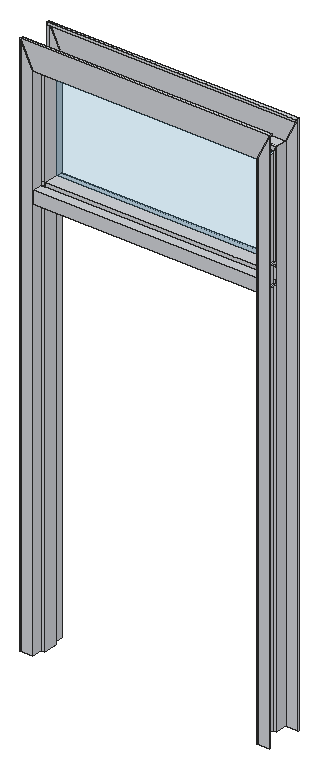
Revit family "Transom Ext-F-WDMF-36 x 84 -18 LSLT-4 Head", category Doors, host Wall, Revit 2014
Parameters (values of type "Ext-Transom F-MDMF-36" x 84"-18"LSLT-4" Head")
  Width = Door Panel Width  # 3' - 0"
  Wall Thickness [instance] = 0' - 5 3/4"
  URL = ""
  Type Comments = "EXT,"
  Thickness = 0' - 1 3/4"
  Swing Angle [instance] = 90.00°
  Sidelite Width = P1 Width - 0' 2"  # 1' - 0"
  SDI RO Spacing = 0' - 0"
  SDI Panel 1 Width = Leaf Width + 0' 0 3/16"  # 3' - 0"
  SDI No Panels = ""
  SDI Left Sidelite Width = Sidelite Width  # 1' - 0"
  SDI HW Set [instance] = ""
  SDI HW Item LO-2 [instance] = ""
  SDI HW Item LO-1 [instance] = ""
  SDI HW Item KP-2 [instance] = ""
  SDI HW Item KP-1 [instance] = ""
  SDI HW Item HI-2 [instance] = ""
  SDI HW Item HI-1 [instance] = ""
  SDI HW Item HC-2 [instance] = ""
  SDI HW Item HC-1 [instance] = ""
  SDI HW Item ED-2 [instance] = ""
  SDI HW Item ED-1 [instance] = ""
  SDI HW Item DO-2 [instance] = ""
  SDI HW Item DO-1 [instance] = ""
  SDI HW Item CL-2 [instance] = ""
  SDI HW Item CL-1 [instance] = ""
  SDI Glass Material = Glass
  SDI Frame Type = "Left Door"
  SDI Frame Sill Width = 0' - 6"
  SDI Frame Material Type = "Hollow Metal"
  SDI Frame Material = Paint - Generic - Prime
  SDI Frame Manufacturer = ""
  SDI Frame Jamb Width = 0' - 2"
  SDI Frame Head Width = 0' - 4"
  SDI Frame Finish Type = "Painted"
  SDI Frame Finish Color = "Prime"
  SDI Frame Depth [instance] = 0' - 5 3/4"
  SDI Family Version = "1.0"
  SDI Door Panel Type = "F"
  SDI Door Material Type = "Hollow Metal"
  SDI Door Material = Stain - SRO - Red Oak 100 Clear
  SDI Door Manufacturer = ""
  SDI Door Finish Type = "Painted"
  SDI Door Finish Color = "Prime"
  SDI Door Configuration = "SG"
  SDI Arch Frame Type [instance] = ""
  SDI Arch Frame Material Type [instance] = "HM"
  SDI Arch Door Panel Type [instance] = "F"
  SDI Arch Door Material Type [instance] = "HM"
  SDI Adjacent Wall Placement = 0' - 4"
  Rough Width = 4' - 6"
  Rough Height = Frame Height - 0' 0" + SDI RO Spacing  # 7' - 4"
  R1 Height = 7' - 2"
  P2 Width = 3' - 2"
  P1 Width = 1' - 2"
  Model = "Ext-Transom F-MDMF-36\" x 84\"-18\"LSLT-4\" Head"
  Manufacturer = ""
  Leaf Width = P2 Width - 0' 2 3/16"  # 2' - 11 13/16"
  Height = Door Panel Height  # 7' - 0"
  Glass Offset [instance] = 0' 2 1/16" + (SDI Frame Depth - 0' 5 3/4") / 2  # 0' - 2 1/16"
  Function = Exterior
  Frame Width = P1 Width + P2 Width + 0' 2"  # 4' - 6"
  Frame Offset [instance] = if(Aligned Exterior, SDI Frame Depth / 2, if(Aligned Center, Wall Thickness / 2, if(Aligned Interior, Wall Thickness - SDI Frame Depth + SDI Frame Depth / 2, Aligned Other)))  # 0' - 2 7/8"
  Frame Height = R1 Height + 0' 2"  # 7' - 4"
  Fire Rating = ""
  Exterior Glazing [instance] = no
  Door Panel Width = P2 Width - 0' 2"  # 3' - 0"
  Door Panel Height = R1 Height + 0' 2" - (0' 4")  # 7' - 0"
  Door Offset [instance] = 0' 2 13/16" + (SDI Frame Depth - 0' 5 3/4") / 2  # 0' - 2 13/16"
  Description = "Hollow Metal Door with Hollow Metal Frame"
  Cost = 0
  Assembly Code = "B2030220"
  Analytic Construction = "<None>"
  Aligned Other [instance] = 0' - 0"
  Aligned Interior [instance] = no
  Aligned Exterior [instance] = yes
  Aligned Center [instance] = no
  ADA Clearance Lines = no
Reference planes (in)
  plane 1: y = 0
  plane 2 "Center (Left/Right)": x = 0
  plane 3 "Wall Edge": y = 2.875
  plane 4 "Wall Interior": y = -2.875
  plane 5 "ModelRefLevel": z = 0
  plane 6 "FrameDepthPlane": y = 0
  plane 7 "FrameFront": y = 2.875
  plane 8 "FrameBack": y = -2.875
  plane 9 "V0": x = 26
  plane 10 "V1": x = 12
  plane 11 "V2": x = -26
  plane 12 "H0": z = 1
  plane 13 "H1": z = 87
  plane 14 "InTermLeftJamb0": x = 25
  plane 15 "OutTermLeftJamb0": x = 27
  plane 16 "OutsideJamb1": x = 11
  plane 17 "InsideJamb1": x = 13
  plane 18 "InTermRightJamb2": x = -25
  plane 19 "OutTermRightJamb2": x = -27
  plane 20 "D0.151041666666667": y = 1.0625
  plane 21 "D0.109375": y = 1.5625
  plane 22 "DoorLeft": x = 11
  plane 23 "DoorRight": x = -25
  plane 24 "DoorCenter": x = -7
  plane 25 "DoorTop": z = 83.875
  plane 26 "DoorCenterTB": z = 41.9375
  plane 27 "DoorExtFace": y = 2.8125
  plane 28 "DoorGlassFace": y = 2.0625
  plane 29 "LockCenterLine": z = 41.3125
  plane 30 "ActDoorRight": x = -24.90625
  plane 31 "SwingClrPlane": y = 62.875
  plane 32 "SwingPartialPlane": y = 50.875
  plane 33 "LeftAdjWall": x = 31
  plane 34: z = 44
  plane 35: z = 65.875
  plane 36: z = 88
Forms (in)
  Extrusion 1, void
    sketch origin (-14, 2.875, 0) x (1, 0, 0) y (0, 0, 1)
      loop
        line (27, 88) -> (24.375, 88) -> (24.375, 82.75) -> (27, 88)
    from -12 to 12
  Extrusion 2, solid
    sketch origin (132, 0, 42) x (-1, 0, 0) y (0, -1, 0)
      loop
        line (119, -2.875) -> (121, -2.875) -> (121, -0.9375) -> (121.625, -0.9375) -> (121.625, 1.3125) -> (121, 1.3125) -> (121, 2.875) -> (119, 2.875) -> (119, 2.8125) -> (120.9375, 2.8125) -> (120.9375, 1.25) -> (121.5625, 1.25) -> (121.5625, -0.875) -> (120.9375, -0.875) -> (120.9375, -2.8125) -> (119, -2.8125) -> (119, -2.875)
    from -42 to 46
  Extrusion 3, solid
    sketch origin (94.3125, 0, 44) x (-1, 0, 0) y (0, -1, 0)
      loop
        line (121.25, -2.375) -> (121.25, -2.8125) -> (119.375, -2.8125) -> (119.375, -0.875) -> (118.75, -0.875) -> (118.75, 1.25) -> (119.375, 1.25) -> (119.375, 2.8125) -> (121.25, 2.8125) -> (121.25, 2.4375) -> (121.3125, 2.4375) -> (121.3125, 2.875) -> (119.3125, 2.875) -> (119.3125, 1.3125) -> (118.6875, 1.3125) -> (118.6875, -0.9375) -> (119.3125, -0.9375) -> (119.3125, -2.875) -> (121.3125, -2.875) -> (121.3125, -2.375) -> (121.25, -2.375)
    from -44 to 44
  Extrusion 4, void
    sketch origin (0, 2.875, 0) x (1, 0, 0) y (0, 0, 1)
      loop
        line (-27, 88) -> (-24.375, 82.75) -> (-24.375, 88) -> (-27, 88)
    from -12 to 12
  Extrusion 5, void
    sketch origin (-14, 2.875, 0) x (1, 0, 0) y (0, 0, 1)
      loop
        line (27, 88) -> (24.6875, 83.375) -> (27, 83.375) -> (27, 88)
    from -12 to 12
  Extrusion 6, solid
    sketch origin (-7.5, 0, 85.6875) x (0, 1, 0) y (0, 0, 1)
      loop
        line (2.4375, 1.9375) -> (2.4375, 2.25) -> (2.8125, 2.25) -> (2.8125, -1.625) -> (0.875, -1.625) -> (0.875, -2.25) -> (-1.25, -2.25) -> (-1.25, -1.625) -> (-2.8125, -1.625) -> (-2.8125, 2.25) -> (-2.4375, 2.25) -> (-2.4375, 1.9375) -> (-2.375, 1.9375) -> (-2.375, 2.3125) -> (-2.875, 2.3125) -> (-2.875, -1.6875) -> (-1.3125, -1.6875) -> (-1.3125, -2.3125) -> (0.9375, -2.3125) -> (0.9375, -1.6875) -> (2.875, -1.6875) -> (2.875, 2.3125) -> (2.375, 2.3125) -> (2.375, 1.9375) -> (2.4375, 1.9375)
    from -19.5 to 20.5
  Extrusion 7, void
    sketch origin (0, 2.875, 0) x (1, 0, 0) y (0, 0, 1)
      loop
        line (-27, 88) -> (-27, 83.375) -> (-24.6875, 83.375) -> (-27, 88)
    from -12 to 12
  Extrusion 8, solid, material "Glass" <- "SDI Glass Material"
    sketch origin (-60, 1.0625, -12) x (1, 0, 0) y (0, 0, 1)
      loop
        line (35.09375, 96) -> (35.09375, 78.875) -> (71, 78.875) -> (71, 96) -> (35.09375, 96)
    from -0.125 to 0.125
  Extrusion 9, solid, material "Stain - SRO - Red Oak 100 Clear" <- "SDI Door Material", visible <- "Exterior Glazing"
    sketch origin (-60, 1.5625, -12) x (1, 0, 0) y (0, 0, 1)
      loop
        line (71, 12) -> (71, 76.875) -> (35.09375, 76.875) -> (35.09375, 12) -> (71, 12)
    from -0.125 to 0.125
  Sweep 10, solid
    path origin (0, 2.875, 0) x (1, 0, 0) y (0, 0, 1)
      loop
        line (11, 44) -> (-24.90625, 44)
    profile origin (-6.95313, 2.875, 44) x (0, 0, -1) y (0, -1, 0)
      loop
        line (-20.3125, 4.125) -> (-20.9375, 4.125) -> (-20.9375, 5.6875) -> (-22.8125, 5.6875) -> (-22.8125, 4.125) -> (-23.4375, 4.125) -> (-23.4375, 2) -> (-22.8125, 2) -> (-22.8125, 0.0625) -> (-20.9375, 0.0625) -> (-20.9375, 2) -> (-20.3125, 2) -> (-20.3125, 4.125)
      loop
        line (-22.875, 0) -> (-20.875, 0) -> (-20.875, 1.9375) -> (-20.25, 1.9375) -> (-20.25, 4.1875) -> (-20.875, 4.1875) -> (-20.875, 5.75) -> (-22.875, 5.75) -> (-22.875, 4.1875) -> (-23.5, 4.1875) -> (-23.5, 1.9375) -> (-22.875, 1.9375) -> (-22.875, 0)
Cuts and joins
  Extrusion 4 cuts Extrusion 3
  Extrusion 5, Extrusion 7 cuts Extrusion 6
  Extrusion 1 cuts Extrusion 2
Lines and regions (in)
  Opening 1
    outline origin (-60, -2.875, 0) x (1, 0, 0) y (0, 0, 1)
      loop
        line (73, 0) -> (73, 88) -> (33, 88) -> (33, 0) -> (73, 0)
  symbolic lines, style "DoorsFrameMullionProjection", detail levels fine
    curve 1: line (27, 2.375, 0) -> (27, 2.875, 0)
    curve 2: line (27, 2.875, 0) -> (25, 2.875, 0)
    curve 3: line (25, 2.875, 0) -> (25, 0.9375, 0)
    curve 4: line (25, 0.9375, 0) -> (24.375, 0.9375, 0)
    curve 5: line (24.375, 0.9375, 0) -> (24.375, -1.3125, 0)
    curve 6: line (24.375, -1.3125, 0) -> (25, -1.3125, 0)
    curve 7: line (25, -1.3125, 0) -> (25, -2.875, 0)
    curve 8: line (25, -2.875, 0) -> (27, -2.875, 0)
    curve 9: line (27, -2.875, 0) -> (27, -2.4375, 0)
    curve 10: line (27, -2.4375, 0) -> (26.9375, -2.4375, 0)
    curve 11: line (26.9375, -2.4375, 0) -> (26.9375, -2.8125, 0)
    curve 12: line (26.9375, -2.8125, 0) -> (25.0625, -2.8125, 0)
    curve 13: line (25.0625, -2.8125, 0) -> (25.0625, -1.25, 0)
    curve 14: line (25.0625, -1.25, 0) -> (24.4375, -1.25, 0)
    curve 15: line (24.4375, -1.25, 0) -> (24.4375, 0.875, 0)
    curve 16: line (24.4375, 0.875, 0) -> (25.0625, 0.875, 0)
    curve 17: line (25.0625, 0.875, 0) -> (25.0625, 2.8125, 0)
    curve 18: line (25.0625, 2.8125, 0) -> (26.9375, 2.8125, 0)
    curve 19: line (26.9375, 2.8125, 0) -> (26.9375, 2.375, 0)
    curve 20: line (26.9375, 2.375, 0) -> (27, 2.375, 0)
    curve 25: line (-3, 2.875, 0) -> (11, 2.875, 0)
    curve 26: line (11, 2.875, 0) -> (11, 0.9375, 0)
    curve 27: line (11, 0.9375, 0) -> (10.375, 0.9375, 0)
    curve 28: line (10.375, 0.9375, 0) -> (10.375, -1.3125, 0)
    curve 29: line (10.375, -1.3125, 0) -> (11, -1.3125, 0)
    curve 30: line (11, -1.3125, 0) -> (11, -2.875, 0)
    curve 31: line (11, -2.875, 0) -> (-3, -2.875, 0)
    curve 32: line (-3, -2.875, 0) -> (-3, -1.3125, 0)
    curve 33: line (-3, -1.3125, 0) -> (-3.625, -1.3125, 0)
    curve 34: line (-3.625, -1.3125, 0) -> (-3.625, 0.9375, 0)
    curve 35: line (-3.625, 0.9375, 0) -> (-3, 0.9375, 0)
    curve 36: line (-3, 0.9375, 0) -> (-3, 2.875, 0)
    curve 37: line (-2.9375, 2.8125, 0) -> (11.0625, 2.8125, 0)
    curve 38: line (11.0625, 2.8125, 0) -> (11.0625, 0.875, 0)
    curve 39: line (11.0625, 0.875, 0) -> (10.4375, 0.875, 0)
    curve 40: line (10.4375, 0.875, 0) -> (10.4375, -1.25, 0)
    curve 41: line (10.4375, -1.25, 0) -> (11.0625, -1.25, 0)
    curve 42: line (11.0625, -1.25, 0) -> (11.0625, -2.8125, 0)
    curve 43: line (11.0625, -2.8125, 0) -> (-2.9375, -2.8125, 0)
    curve 44: line (-2.9375, -2.8125, 0) -> (-2.9375, -1.25, 0)
    curve 45: line (-2.9375, -1.25, 0) -> (-3.5625, -1.25, 0)
    curve 46: line (-3.5625, -1.25, 0) -> (-3.5625, 0.875, 0)
    curve 47: line (-3.5625, 0.875, 0) -> (-2.9375, 0.875, 0)
    curve 48: line (-2.9375, 0.875, 0) -> (-2.9375, 2.8125, 0)
    curve 53: line (-26.9375, 2.375, 0) -> (-26.9375, 2.8125, 0)
    curve 54: line (-26.9375, 2.8125, 0) -> (-25.0625, 2.8125, 0)
    curve 55: line (-25.0625, 2.8125, 0) -> (-25.0625, 0.875, 0)
    curve 56: line (-25.0625, 0.875, 0) -> (-24.4375, 0.875, 0)
    curve 57: line (-24.4375, 0.875, 0) -> (-24.4375, -1.25, 0)
    curve 58: line (-24.4375, -1.25, 0) -> (-25.0625, -1.25, 0)
    curve 59: line (-25.0625, -1.25, 0) -> (-25.0625, -2.8125, 0)
    curve 60: line (-25.0625, -2.8125, 0) -> (-26.9375, -2.8125, 0)
    curve 61: line (-26.9375, -2.8125, 0) -> (-26.9375, -2.4375, 0)
    curve 62: line (-26.9375, -2.4375, 0) -> (-27, -2.4375, 0)
    curve 63: line (-27, -2.4375, 0) -> (-27, -2.875, 0)
    curve 64: line (-27, -2.875, 0) -> (-25, -2.875, 0)
    curve 65: line (-25, -2.875, 0) -> (-25, -1.3125, 0)
    curve 66: line (-25, -1.3125, 0) -> (-24.375, -1.3125, 0)
    curve 67: line (-24.375, -1.3125, 0) -> (-24.375, 0.9375, 0)
    curve 68: line (-24.375, 0.9375, 0) -> (-25, 0.9375, 0)
    curve 69: line (-25, 0.9375, 0) -> (-25, 2.875, 0)
    curve 70: line (-25, 2.875, 0) -> (-27, 2.875, 0)
    curve 71: line (-27, 2.875, 0) -> (-27, 2.375, 0)
    curve 72: line (-27, 2.375, 0) -> (-26.9375, 2.375, 0)
  symbolic lines, style "DoorsFrameMullionProjection", detail levels coarse+medium
    curve 21: line (25, -2.875, 0) -> (27, -2.875, 0)
    curve 22: line (25, 2.875, 0) -> (27, 2.875, 0)
    curve 23: line (25, -2.875, 0) -> (25, 2.875, 0)
    curve 24: line (27, -2.875, 0) -> (27, 2.875, 0)
    curve 49: line (11, -2.875, 0) -> (-3, -2.875, 0)
    curve 50: line (11, 2.875, 0) -> (-3, 2.875, 0)
    curve 51: line (11, -2.875, 0) -> (11, 2.875, 0)
    curve 52: line (-3, -2.875, 0) -> (-3, 2.875, 0)
    curve 73: line (-27, -2.875, 0) -> (-25, -2.875, 0)
    curve 74: line (-27, 2.875, 0) -> (-25, 2.875, 0)
    curve 75: line (-27, -2.875, 0) -> (-27, 2.875, 0)
    curve 76: line (-25, -2.875, 0) -> (-25, 2.875, 0)
  symbolic lines, style "Elevation Swing"
    curve 77: line (10.90625, 2.875, 83.875) -> (-24.90625, 2.875, 41.9375)
    curve 78: line (10.90625, 2.875, 0) -> (-24.90625, 2.875, 41.9375)
  symbolic lines, style "ADA Clearance", visible <- "ADA Clearance Lines"
    curve 79: line (-27, 2.875, 0) -> (-27, 62.875, 0)
    curve 80: line (29, 62.875, 0) -> (-27, 62.875, 0)
    curve 81: line (29, 50.875, 0) -> (-27, 50.875, 0)
    curve 82: line (29, 2.875, 0) -> (29, 62.875, 0)
    curve 83: line (-27, -2.875, 0) -> (-27, -50.875, 0)
    curve 84: line (23, -50.875, 0) -> (-27, -50.875, 0)
    curve 85: line (23, -2.875, 0) -> (23, -50.875, 0)
Text (in)
  text "Placement Side" at (0, 40.15149, 123.01588), in view "Right"
  text "Placement Side" at (-70.3804, 28.46503, 0), in view "Ref. Level"
  text "Placement Side" at (0, 81.62555, 140.59947), in view "Left"
Dimensions and locks (in)
  locked: plane 3 "Wall Edge" to host wall
  host wall to plane 2 "Center (Left/Right)" to host wall = 1' - 1", 2' - 3"
  host wall to host wall = 3' - 4"
  "Rough Height": level to host wall
  equal spacing: plane 3 "Wall Edge", plane 1, plane 4 "Wall Interior"
  "Wall Thickness": host wall to host wall
  "Frame Offset": plane 3 "Wall Edge" to plane 6 "FrameDepthPlane"
  equal spacing: plane 7 "FrameFront", plane 6 "FrameDepthPlane", plane 8 "FrameBack"
  "SDI Frame Depth": plane 7 "FrameFront" to plane 8 "FrameBack"
  equal spacing: plane 9 "V0", plane 2 "Center (Left/Right)", plane 11 "V2"
  "P1 Width": plane 9 "V0" to plane 10 "V1"
  "P2 Width": plane 10 "V1" to plane 11 "V2"
  "R1 Height": plane 12 "H0" to plane 13 "H1"
  locked: plane 9 "V0" to curve 1 at 1
  locked: plane 9 "V0" to curve 2 at 1
  locked: plane 9 "V0" to curve 3 at 1
  locked: plane 9 "V0" to curve 4 at 1
  locked: plane 9 "V0" to curve 5 at 1.625
  locked: plane 9 "V0" to curve 6 at 1.625
  locked: plane 9 "V0" to curve 7 at 1
  locked: plane 9 "V0" to curve 8 at 1
  locked: plane 9 "V0" to curve 9 at 1
  locked: plane 9 "V0" to curve 10 at 1
  locked: plane 9 "V0" to curve 11 at 0.9375
  locked: plane 9 "V0" to curve 12 at 0.9375
  locked: plane 9 "V0" to curve 13 at 0.9375
  locked: plane 9 "V0" to curve 14 at 0.9375
  locked: plane 9 "V0" to curve 15 at 1.5625
  locked: plane 9 "V0" to curve 16 at 1.5625
  locked: plane 9 "V0" to curve 17 at 0.9375
  locked: plane 9 "V0" to curve 18 at 0.9375
  locked: plane 9 "V0" to curve 19 at 0.9375
  locked: plane 9 "V0" to curve 20 at 0.9375
  locked: plane 9 "V0" to plane 15 "OutTermLeftJamb0" at 1
  locked: plane 9 "V0" to plane 14 "InTermLeftJamb0" at 1
  locked: plane 9 "V0" to curve 21 at 1
  locked: plane 9 "V0" to curve 22 at 1
  locked: plane 9 "V0" to curve 23 at 1
  locked: plane 9 "V0" to curve 24 at 1
  Extrusion 2 to plane 13 "H1" = 0' - 1"
  locked: plane 12 "H0" to Extrusion 2 at 1
  locked: plane 10 "V1" to Extrusion 2 at 1  (x5)
  locked: plane 10 "V1" to Extrusion 2 at 0.9375  (x2)
  locked: plane 10 "V1" to Extrusion 2 at 1.5625
  locked: plane 10 "V1" to Extrusion 2 at 1.625
  curve 25 to plane 10 "V1" = 1' - 3"
  locked: plane 10 "V1" to curve 26 at 1
  locked: plane 10 "V1" to curve 27 at 1
  locked: plane 10 "V1" to curve 28 at 1.625
  locked: plane 10 "V1" to curve 29 at 1.625
  locked: plane 10 "V1" to curve 30 at 1
  locked: plane 10 "V1" to curve 31 at 1
  curve 32 to plane 10 "V1" = 1' - 3"
  curve 33 to plane 10 "V1" = 1' - 3"
  curve 34 to plane 10 "V1" = 1' - 3 5/8"
  curve 35 to plane 10 "V1" = 1' - 3 5/8"
  curve 36 to plane 10 "V1" = 1' - 3"
  curve 37 to plane 10 "V1" = 1' - 2 15/16"
  locked: plane 10 "V1" to curve 38 at 0.9375
  locked: plane 10 "V1" to curve 39 at 0.9375
  locked: plane 10 "V1" to curve 40 at 1.5625
  locked: plane 10 "V1" to curve 41 at 1.5625
  locked: plane 10 "V1" to curve 42 at 0.9375
  locked: plane 10 "V1" to curve 43 at 0.9375
  curve 44 to plane 10 "V1" = 1' - 2 15/16"
  curve 45 to plane 10 "V1" = 1' - 2 15/16"
  curve 46 to plane 10 "V1" = 1' - 3 9/16"
  curve 47 to plane 10 "V1" = 1' - 3 9/16"
  curve 48 to plane 10 "V1" = 1' - 2 15/16"
  locked: plane 10 "V1" to plane 16 "OutsideJamb1" at 1
  locked: plane 10 "V1" to plane 17 "InsideJamb1" at 1
  locked: plane 10 "V1" to curve 49 at 1
  locked: plane 10 "V1" to curve 50 at 1
  locked: plane 10 "V1" to curve 51 at 1
  curve 52 to plane 10 "V1" = 1' - 3"
  locked: plane 13 "H1" to Extrusion 3 at 1
  locked: plane 12 "H0" to Extrusion 3 at 1
  locked: plane 11 "V2" to Extrusion 3 at 0.9375  (x4)
  locked: plane 11 "V2" to Extrusion 3 at 1  (x5)
  locked: plane 11 "V2" to Extrusion 3 at 1.625
  locked: plane 11 "V2" to Extrusion 3 at 1.5625
  locked: plane 11 "V2" to curve 53 at 0.9375
  locked: plane 11 "V2" to curve 54 at 0.9375
  locked: plane 11 "V2" to curve 55 at 0.9375
  locked: plane 11 "V2" to curve 56 at 0.9375
  locked: plane 11 "V2" to curve 57 at 1.5625
  locked: plane 11 "V2" to curve 58 at 1.5625
  locked: plane 11 "V2" to curve 59 at 0.9375
  locked: plane 11 "V2" to curve 60 at 0.9375
  locked: plane 11 "V2" to curve 61 at 0.9375
  locked: plane 11 "V2" to curve 62 at 0.9375
  locked: plane 11 "V2" to curve 63 at 1
  locked: plane 11 "V2" to curve 64 at 1
  locked: plane 11 "V2" to curve 65 at 1
  locked: plane 11 "V2" to curve 66 at 1
  locked: plane 11 "V2" to curve 67 at 1.625
  locked: plane 11 "V2" to curve 68 at 1.625
  locked: plane 11 "V2" to curve 69 at 1
  locked: plane 11 "V2" to curve 70 at 1
  locked: plane 11 "V2" to curve 71 at 1
  locked: plane 11 "V2" to curve 72 at 1
  locked: plane 11 "V2" to plane 18 "InTermRightJamb2" at 1
  locked: plane 11 "V2" to plane 19 "OutTermRightJamb2" at 1
  locked: plane 11 "V2" to curve 73 at 1
  locked: plane 11 "V2" to curve 74 at 1
  locked: plane 11 "V2" to curve 75 at 1
  locked: plane 11 "V2" to curve 76 at 1
  locked: plane 11 "V2" to Extrusion 6 at 1
  locked: plane 13 "H1" to Extrusion 6 at 2.9375  (x2)
  locked: plane 13 "H1" to Extrusion 6 at 3.5625
  locked: plane 13 "H1" to Extrusion 6 at 1  (x2)
  locked: plane 13 "H1" to Extrusion 6 at 0.9375  (x3)
  locked: plane 13 "H1" to Extrusion 6 at 0.625  (x2)
  locked: plane 13 "H1" to Extrusion 6 at 3  (x2)
  locked: plane 13 "H1" to Extrusion 6 at 3.625
  locked: plane 7 "FrameFront" to Extrusion 2 at 1.9375
  locked: plane 7 "FrameFront" to Extrusion 2 at 0.0625
  locked: plane 7 "FrameFront" to Extrusion 2 at 2
  locked: plane 8 "FrameBack" to Extrusion 2 at 1.5625
  locked: plane 8 "FrameBack" to Extrusion 2 at 0.0625
  locked: plane 8 "FrameBack" to Extrusion 2 at 1.625
  locked: plane 7 "FrameFront" to cut or joined group of Extrusion 3, Extrusion 4 at 0.0625
  locked: plane 7 "FrameFront" to cut or joined group of Extrusion 3, Extrusion 4 at 2
  locked: plane 7 "FrameFront" to cut or joined group of Extrusion 3, Extrusion 4 at 1.9375
  locked: plane 7 "FrameFront" to cut or joined group of Extrusion 3, Extrusion 4 at 0.5
  locked: plane 8 "FrameBack" to cut or joined group of Extrusion 3, Extrusion 4 at 1.625
  locked: plane 8 "FrameBack" to cut or joined group of Extrusion 3, Extrusion 4 at 0.0625
  locked: plane 8 "FrameBack" to cut or joined group of Extrusion 3, Extrusion 4 at 0.4375
  locked: plane 8 "FrameBack" to cut or joined group of Extrusion 3, Extrusion 4 at 1.5625
  locked: plane 7 "FrameFront" to cut or joined group of Extrusion 5, Extrusion 6, Extrusion 7 at 0.0625
  locked: plane 7 "FrameFront" to cut or joined group of Extrusion 5, Extrusion 6, Extrusion 7 at 2
  locked: plane 7 "FrameFront" to cut or joined group of Extrusion 5, Extrusion 6, Extrusion 7 at 1.9375
  locked: plane 7 "FrameFront" to cut or joined group of Extrusion 5, Extrusion 6, Extrusion 7 at 0.5
  locked: plane 7 "FrameFront" to cut or joined group of Extrusion 5, Extrusion 6, Extrusion 7 at 0.4375
  locked: plane 8 "FrameBack" to cut or joined group of Extrusion 5, Extrusion 6, Extrusion 7 at 1.625
  locked: plane 8 "FrameBack" to cut or joined group of Extrusion 5, Extrusion 6, Extrusion 7 at 0.0625
  locked: plane 8 "FrameBack" to cut or joined group of Extrusion 5, Extrusion 6, Extrusion 7 at 0.4375
  locked: plane 8 "FrameBack" to cut or joined group of Extrusion 5, Extrusion 6, Extrusion 7 at 0.5
  locked: plane 8 "FrameBack" to cut or joined group of Extrusion 5, Extrusion 6, Extrusion 7 at 1.5625
  locked: plane 7 "FrameFront" to curve 4 at 1.9375
  locked: plane 7 "FrameFront" to curve 16 at 2
  locked: plane 7 "FrameFront" to curve 18 at 0.0625
  locked: plane 7 "FrameFront" to curve 20 at 0.5
  locked: plane 7 "FrameFront" to curve 27 at 1.9375
  locked: plane 7 "FrameFront" to curve 35 at 1.9375
  locked: plane 7 "FrameFront" to curve 37 at 0.0625
  locked: plane 7 "FrameFront" to curve 39 at 2
  locked: plane 7 "FrameFront" to curve 47 at 2
  locked: plane 7 "FrameFront" to curve 54 at 0.0625
  locked: plane 7 "FrameFront" to curve 56 at 2
  locked: plane 7 "FrameFront" to curve 68 at 1.9375
  locked: plane 7 "FrameFront" to curve 72 at 0.5
  locked: plane 8 "FrameBack" to curve 6 at 1.5625
  locked: plane 8 "FrameBack" to curve 10 at 0.4375
  locked: plane 8 "FrameBack" to curve 12 at 0.0625
  locked: plane 8 "FrameBack" to curve 14 at 1.625
  locked: plane 8 "FrameBack" to curve 29 at 1.5625
  locked: plane 8 "FrameBack" to curve 33 at 1.5625
  locked: plane 8 "FrameBack" to curve 41 at 1.625
  locked: plane 8 "FrameBack" to curve 43 at 0.0625
  locked: plane 8 "FrameBack" to curve 45 at 1.625
  locked: plane 8 "FrameBack" to curve 58 at 1.625
  locked: plane 8 "FrameBack" to curve 60 at 0.0625
  locked: plane 8 "FrameBack" to curve 62 at 0.4375
  locked: plane 8 "FrameBack" to curve 66 at 1.5625
  locked: plane 7 "FrameFront" to Extrusion 8 at 1.9375
  locked: plane 7 "FrameFront" to Extrusion 8 at 1.6875
  locked: plane 7 "FrameFront" to Extrusion 9 at 1.4375
  locked: plane 7 "FrameFront" to Extrusion 9 at 1.1875
  locked: plane 10 "V1" to plane 22 "DoorLeft" at 1
  locked: plane 11 "V2" to plane 23 "DoorRight" at 1
  locked: plane 13 "H1" to plane 25 "DoorTop" at 3.125
  equal spacing: plane 25 "DoorTop", plane 26 "DoorCenterTB", plane 5 "ModelRefLevel"
  "Door Offset": plane 6 "FrameDepthPlane" to plane 27 "DoorExtFace"
  "Glass Offset": plane 6 "FrameDepthPlane" to plane 28 "DoorGlassFace"
  locked: plane 29 "LockCenterLine" to plane 5 "ModelRefLevel" at 41.3125
  locked: plane 23 "DoorRight" to plane 30 "ActDoorRight" at 0.09375
  locked: plane 3 "Wall Edge" to plane 31 "SwingClrPlane" at 60
  locked: plane 3 "Wall Edge" to plane 32 "SwingPartialPlane" at 48
  "SDI Adjacent Wall Placement": plane 15 "OutTermLeftJamb0" to plane 33 "LeftAdjWall"
  equal spacing: plane 12 "H0", plane 34, plane 13 "H1"
  plane 35 to plane 25 "DoorTop" = 1' - 6"
  locked: plane 13 "H1" to plane 36 at 1
  aligned and locked: plane 4 "Wall Interior" to host wall
  aligned and locked: cut or joined group of Extrusion 3, Extrusion 4 to plane 7 "FrameFront"
  aligned and locked: plane 8 "FrameBack" to cut or joined group of Extrusion 3, Extrusion 4
  aligned and locked: cut or joined group of Extrusion 5, Extrusion 6, Extrusion 7 to plane 7 "FrameFront"
  aligned and locked: plane 8 "FrameBack" to cut or joined group of Extrusion 5, Extrusion 6, Extrusion 7
  aligned and locked: curve 2 to plane 7 "FrameFront"
  aligned and locked: plane 7 "FrameFront" to curve 22
  aligned and locked: curve 25 to plane 7 "FrameFront"
  aligned and locked: plane 7 "FrameFront" to curve 50
  aligned and locked: curve 70 to plane 7 "FrameFront"
  aligned and locked: plane 7 "FrameFront" to curve 74
  aligned and locked: plane 8 "FrameBack" to curve 8
  aligned and locked: plane 8 "FrameBack" to curve 31
  aligned and locked: plane 8 "FrameBack" to curve 64
  aligned and locked: plane 7 "FrameFront" to nested 1
  aligned and locked: plane 30 "ActDoorRight" to nested 1
  aligned and locked: curve 80 to plane 31 "SwingClrPlane"
  aligned and locked: curve 81 to plane 32 "SwingPartialPlane"
  aligned and locked: Sweep 10 sketch curve to plane 34
  aligned and locked: Sweep 10 to Extrusion 8 sketch curve
  aligned and locked: Extrusion 9 sketch curve to Sweep 10
  aligned and locked: plane 22 "DoorLeft" to Sweep 10 sketch curve
  aligned and locked: plane 30 "ActDoorRight" to Sweep 10 sketch curve
  aligned and locked: Extrusion 8 sketch curve to plane 30 "ActDoorRight"
  aligned and locked: plane 22 "DoorLeft" to Extrusion 8 sketch curve
  aligned and locked: Extrusion 9 sketch curve to plane 30 "ActDoorRight"
  aligned and locked: plane 22 "DoorLeft" to Extrusion 9 sketch curve
  aligned and locked: Opening 1 sketch curve to plane 17 "InsideJamb1"
  aligned and locked: plane 19 "OutTermRightJamb2" to Opening 1 sketch curve
  aligned and locked: cut or joined group of Extrusion 1, Extrusion 2 to plane 36
  aligned and locked: plane 17 "InsideJamb1" to cut or joined group of Extrusion 5, Extrusion 6, Extrusion 7
Automatic sketch dimensions
  Opening 1 sketch curve to level = 0' - 0"
  level to Opening 1 sketch curve = 7' - 4"
  Extrusion 1 sketch curve to plane 9 "V0" = 1' - 3 5/8"
  Extrusion 1 sketch curve to plane 9 "V0" = 1' - 1"
  plane 13 "H1" to Extrusion 1 sketch curve = 0' - 4 1/4"
  Extrusion 1 sketch curve to plane 13 "H1" = 0' - 1"
  plane 9 "V0" to curve 1 = 0' - 1"
  curve 3 to curve 4 = 0' - 0 5/8"
  curve 7 to plane 9 "V0" = 0' - 1"
  curve 9 to curve 10 = 0' - 0 1/16"
  curve 12 to curve 7 = 0' - 0 1/16"
  curve 14 to curve 5 = 0' - 0 1/16"
  curve 16 to curve 3 = 0' - 0 1/16"
  curve 1 to curve 18 = 0' - 0 1/16"
  Extrusion 2 sketch curve to host wall = 0' - 0"
  host wall to Extrusion 2 sketch curve = 0' - 0"
  Extrusion 2 sketch curve to host wall = 0' - 0 1/16"
  plane 2 "Center (Left/Right)" to Extrusion 2 sketch curve = 0' - 11 1/16"  (x2)
  Extrusion 2 sketch curve to Extrusion 2 sketch curve = 0' - 0 1/16"  (x5)
  Extrusion 2 sketch curve to Extrusion 2 sketch curve = 0' - 0 9/16"
  Extrusion 2 sketch curve to host wall = 0' - 0 15/16"
  host wall to Extrusion 2 sketch curve = 0' - 1 1/4"
  curve 29 to curve 28 = 0' - 0 5/8"
  curve 35 to curve 34 = 0' - 0 5/8"
  curve 37 to curve 25 = 0' - 0 1/16"
  curve 39 to curve 27 = 0' - 0 1/16"
  curve 41 to curve 29 = 0' - 0 1/16"
  curve 43 to curve 31 = 0' - 0 1/16"
  curve 45 to curve 33 = 0' - 0 1/16"
  curve 47 to curve 35 = 0' - 0 1/16"
  curve 50 to plane 17 "InsideJamb1" = 1' - 4"
  curve 51 to plane 16 "OutsideJamb1" = 0' - 0"
  Extrusion 4 sketch curve to plane 11 "V2" = 0' - 1"
  plane 11 "V2" to Extrusion 4 sketch curve = 0' - 1 5/8"
  plane 13 "H1" to Extrusion 4 sketch curve = 0' - 4 1/4"
  Extrusion 4 sketch curve to plane 13 "H1" = 0' - 1"
  host wall to Extrusion 3 sketch curve = 0' - 0"
  Extrusion 3 sketch curve to host wall = 0' - 0"
  Extrusion 3 sketch curve to plane 2 "Center (Left/Right)" = 2' - 0 3/8"
  Extrusion 3 sketch curve to Extrusion 3 sketch curve = 0' - 0 1/16"  (x7)
  Extrusion 3 sketch curve to Extrusion 3 sketch curve = 0' - 0 9/16"  (x2)
  Extrusion 3 sketch curve to host wall = 0' - 0 7/16"
  Extrusion 3 sketch curve to plane 2 "Center (Left/Right)" = 2' - 2 15/16"  (x2)
  Extrusion 3 sketch curve to host wall = 0' - 0 1/2"
  Extrusion 3 sketch curve to host wall = 0' - 0 1/16"  (x2)
  Extrusion 3 sketch curve to host wall = 0' - 0 15/16"
  host wall to Extrusion 3 sketch curve = 0' - 1 1/4"
  plane 11 "V2" to curve 54 = 0' - 0 15/16"
  curve 56 to curve 55 = 0' - 0 5/8"
  curve 60 to plane 11 "V2" = 0' - 0 15/16"
  curve 61 to curve 62 = 0' - 0 1/16"
  curve 65 to curve 58 = 0' - 0 1/16"
  curve 66 to curve 57 = 0' - 0 1/16"
  curve 68 to curve 55 = 0' - 0 1/16"
  curve 53 to curve 70 = 0' - 0 1/16"
  Extrusion 5 sketch curve to plane 15 "OutTermLeftJamb0" = 1' - 2"
  Extrusion 5 sketch curve to plane 14 "InTermLeftJamb0" = 1' - 2 5/16"
  plane 13 "H1" to Extrusion 5 sketch curve = 0' - 3 5/8"
  Extrusion 5 sketch curve to plane 13 "H1" = 0' - 1"
  Extrusion 7 sketch curve to plane 19 "OutTermRightJamb2" = 0' - 0"
  plane 18 "InTermRightJamb2" to Extrusion 7 sketch curve = 0' - 0 5/16"
  plane 13 "H1" to Extrusion 7 sketch curve = 0' - 3 5/8"
  Extrusion 7 sketch curve to plane 13 "H1" = 0' - 1"
  Extrusion 6 sketch curve to host wall = 0' - 0"  (x2)
  Extrusion 6 sketch curve to host wall = 0' - 0 1/16"  (x2)
  Extrusion 6 sketch curve to host wall = 0' - 0 7/16"
  Extrusion 6 sketch curve to Extrusion 6 sketch curve = 0' - 0 1/16"  (x9)
  host wall to Extrusion 6 sketch curve = 0' - 1 5/16"
  Extrusion 6 sketch curve to host wall = 0' - 0 7/8"
  Extrusion 6 sketch curve to host wall = 0' - 0 1/2"
  level to Extrusion 6 sketch curve = 6' - 11 3/8"
  Extrusion 6 sketch curve to Extrusion 6 sketch curve = 0' - 0 5/8"
  level to Extrusion 6 sketch curve = 7' - 0"
  Extrusion 6 sketch curve to plane 12 "H0" = 7' - 2 5/8"  (x2)
  Extrusion 6 sketch curve to Extrusion 6 sketch curve = 0' - 0 5/16"  (x2)
  plane 13 "H1" to Extrusion 8 sketch curve = 0' - 3"
  curve 77 to plane 25 "DoorTop" = 0' - 0"
  curve 77 to plane 16 "OutsideJamb1" = 0' - 0 3/32"
  curve 78 to plane 26 "DoorCenterTB" = 0' - 0"
  curve 78 to plane 30 "ActDoorRight" = 0' - 0"
  curve 78 to level = 0' - 0"
  curve 78 to plane 16 "OutsideJamb1" = 0' - 0 3/32"
  curve 79 to host wall = 0' - 0"
  plane 15 "OutTermLeftJamb0" to curve 80 = 0' - 2"
  curve 81 to plane 19 "OutTermRightJamb2" = 0' - 0"
  curve 82 to host wall = 0' - 0"
  curve 83 to plane 19 "OutTermRightJamb2" = 0' - 0"
  host wall to curve 83 = 0' - 0"
  host wall to curve 83 = 4' - 0"
  curve 84 to plane 14 "InTermLeftJamb0" = 0' - 2"
  host wall to curve 85 = 0' - 0"
  plane 12 "H0" to Extrusion 9 sketch curve = 0' - 1"
  Sweep 10 sketch curve to Sweep 10 sketch curve = 0' - 0 1/16"  (x11)
  profile plane to Sweep 10 sketch curve = 1' - 11 1/2"
  Sweep 10 sketch curve to Sweep 10 sketch curve = 0' - 0 9/16"  (x3)
  profile plane to Sweep 10 sketch curve = 1' - 8 15/16"  (x2)
  plane 7 "FrameFront" to Sweep 10 sketch curve = 0' - 0 1/16"
  Sweep 10 sketch curve to Sweep 10 sketch curve = 0' - 1 7/8"  (x2)
  Sweep 10 sketch curve to Sweep 10 sketch curve = 0' - 2 1/8"  (x2)
  Sweep 10 sketch curve to Sweep 10 sketch curve = 0' - 1 1/2"
  Sweep 10 sketch curve to plane 7 "FrameFront" = 0' - 0"
  Extrusion 2 sketch curve to plane 17 "InsideJamb1" = 0' - 0"  (x2)
  plane 27 "DoorExtFace" to Extrusion 2 sketch curve = 0' - 0"
Nested families (in)
  nested 1: "SingleDoorPlanLines" at (-24.90625, 2.875, 0.625) x (-1, 0, 0) z (0, 0, 1), type "SingleDoorPlanLines"
Definition of nested family "SingleDoorPlanLines"
  Parameters (values of type "SingleDoorPlanLines")
    Width = 3' - 0"
    URL = ""
    Thickness = 0' - 1 3/4"
    Analytic Construction = "<None>"
    Swing Angle = 90.00°
  Reference planes (in)
    plane 1 "Front": y = 0
    plane 2: z = 0
    plane 3 "Right": x = 0
    plane 4 "Left": x = -36
  Lines and regions (in)
    symbolic lines, style "DoorsPanelProjection"
      curve 1: line (0, 0, 0) -> (0, 36, 0)
      curve 2: line (0, 36, 0) -> (-1.75, 36, 0)
      curve 3: line (-1.75, 36, 0) -> (-1.75, 0, 0)
      curve 4: line (-1.75, 0, 0) -> (0, 0, 0)
    model lines, style "InvisibleLines", not visible
      curve 5: line (0, 0, 0) -> (-38.99851, -0.34033, 0)
    symbolic lines, style "Plan Swing"
      curve 6: arc (-35.99863, -0.31416, 0) -> (-25.56667, 25.34453, 0) -> (0, 36, 0) r 36
  Dimensions and locks (in)
    "Thickness": curve 3 to curve 1
    "Width": curve 2 to curve 4
    "Width": plane 4 "Left" to plane 3 "Right"
    "Swing Angle": angle curve 1 to plane 1 "Front"
    locked: plane 1 "Front" to curve 5 (angle 0.50°)
  Automatic sketch dimensions
    curve 6 to plane 1 "Front" = 0' - 0"
    curve 6 to plane 3 "Right" = 0' - 0"
    curve 4 to plane 1 "Front" = 0' - 0"
    curve 4 to plane 3 "Right" = 0' - 0"
